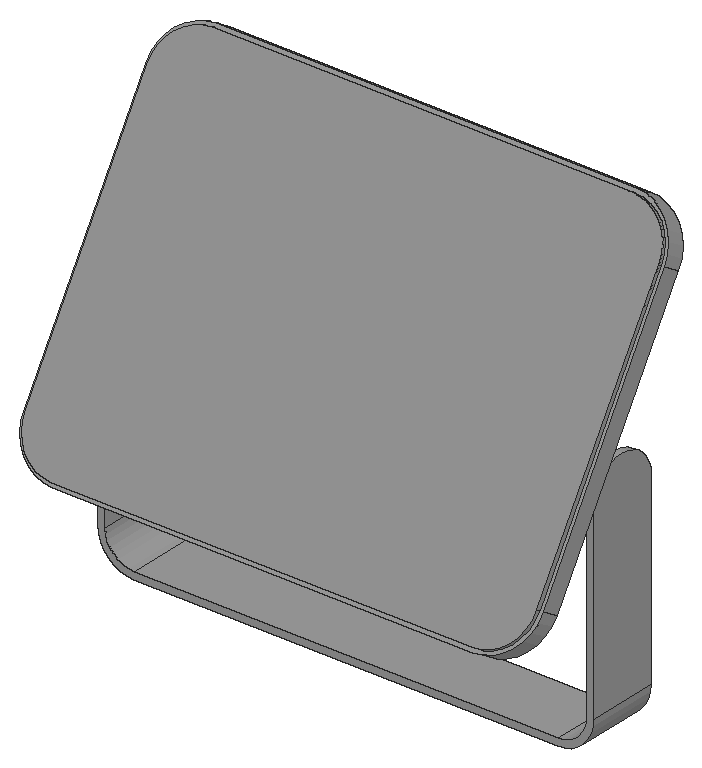
Revit family "0047960 Sylvania Lighting Fixture START eco Flood Flat IP65 900lm 830", category Lighting Fixtures, host Face, Revit 2016
Family settings
  Host = Face
  Part Type = Normal
  Round Connector Dimension = Use Diameter
  OmniClass Number = 23.80.70.00
  OmniClass Title = Lighting
  Cut with Voids When Loaded = No
  Light Source = No
  Shared = No
  Room Calculation Point = No
Parameters (values of type "0047960 ST E FLD FLT IP65 900LM 830")
  WidthBracketIn_SYL = if([10W_SYL], 102.2 mm, if([30W_SYL], 143.3 mm, if([50W_SYL], 181 mm, 262.8 mm)))  # 102.2 mm
  Weight = "3.96 kg"
  Wattage Comments = ""
  WarrantyStartDate [instance] = "n/a"
  WarrantyGuarantorParts = "n/a"
  WarrantyDurationUnit = "n/a"
  WarrantyDurationParts = "n/a"
  WarrantyDescription = "n/a"
  Voltage = 0 V
  URL = "http://www.sylvania-lighting.com"
  TypeName = "START eco Flood Flat IP65 900lm 830"
  TypeLight_SYL = START eco Flood Flat Lamp : 0047960 ST E FLD FLT IP65 900LM 830
  Type Image = <None>
  Type Comments = "n/a"
  ThicknessBracket_SYL = if([10W_SYL], 1.5 mm, 2 mm)  # 1.5 mm
  SerialNumber [instance] = "n/a"
  RotationAngle_SYL [instance] = 32.00°
  RadiusBracket_SYL = if([10W_SYL], 7.7 mm, if([30W_SYL], 8 mm, if([50W_SYL], 17 mm, 14 mm)))  # 7.7 mm
  RadiusBracketIn_SYL = RadiusBracket_SYL - ThicknessBracket_SYL  # 6.2 mm
  OffsetAxis_SYL = DepthBracket_SYL / 2  # 7.5 mm
  PowerFactor = 0.85
  PowerConsumption = "10 W"
  NominalLength = 114 mm
  NominalHeight = 38 mm
  NominalDepth = 96 mm
  Name = "START eco Flood Flat IP65 900lm 830"
  ModelReference = Name  # "START eco Flood Flat IP65 900lm 830"
  ModelNumber = "0047960"
  Model = Name  # "START eco Flood Flat IP65 900lm 830"
  Material = "adc12 housing"
  ManufacturerName = "Feilo Sylvania"
  Manufacturer = "Feilo Sylvania"
  LuminousEfficacy = "90 lm/W"
  LuminaireType = ""
  LightOutputRatio = "n/a"
  LampsType = Lamp  # "LED"
  LampNominalLuminous = "900 lm"
  LampMacAdamStep = "n/a"
  LampColourTemperature = "3000 K"
  LampColourRenderingIndex = "80"
  Lamp = "LED"
  Keynote = "16500"
  InstallationDate [instance] = "n/a"
  InputVoltage = "n/a"
  InputNominalFrequency = "n/a"
  IngressProtection = "IP65"
  ImpactProtectionIndex = "IK06"
  IfcExportType = "IfcLightFixtureType"
  IfcExportAs = "IfcLightFixtureType"
  HeightBracket_SYL = if([10W_SYL], 55 mm, if([30W_SYL], 70 mm, if([50W_SYL], 110 mm, 141 mm)))  # 55 mm
  ExpectedLife = 30000
  EndAngle_SYL [instance] = RotationAngle_SYL + 180.00°  # 212.00°
  ElectricShockClassification = "Class I"
  DurationUnit = "hours"
  DocumentationLiterature = "http://www.sylvania-lighting.com/product/en-int/products/0047960"
  DimmingControlOptions = "n/a"
  Description = "The new Start eco Flood Flat comes with improved design. The streamlined, durable, lightweight die-cast aluminium body makes it a perfect choice for building facades, car parks, garages and construction areas. The product includes 1 m pre-wired stripped cable and fitting bracket for quick and easy installation and the universal mounting bracket allows wall or surface mounting with the possibility of vertical tilting. Black die-cast aluminum housing, white reflector, 900 lm, 10 W, 90 lm/W, 3000K, drive current 38.6 mA, non dimmable, CRI>80, IP65, IK06, Class I, lumen maintenance L70:B50: 30000 hrs, 114 x 96 x 38 mm (L x W x H). Weight: 0.33kg. Energy class: A++ A+ A."
  DepthBracket_SYL = if([10W_SYL], 15 mm, if([30W_SYL], 15 mm, if([50W_SYL], 17 mm, 25 mm)))  # 15 mm
  Default Elevation = 1219.2 mm
  CreatedOn = "10/8/2018"
  CreatedBy = "@sylvania-lighting.com"
  Cost = 0
  built-in parameter 1114216 [instance] = (empty or 0)
  ClassificationValue = "EF_70_80"
  ClassificationName = "Uniclass2015"
  Material_1_SYL = Body-Sylvania-FloodFlat-Black
  BarCode [instance] = "n/a"
  AssetType = "Fixed"
  AssetIdentifier [instance] = "n/a"
  Assembly Code = "D5020200"
  Apparent Load = 10 VA
  50W_SYL = no
  30W_SYL = no
  10W_SYL = yes
Reference planes
  plane 1 "Center (Front/Back)": y = 0
  plane 2: z = 0
  plane 3 "Center (Left/Right)": x = 0
  plane 4: x = -52.6
  plane 5: x = 52.6
  plane 6: z = 55
  plane 7: z = 47.5
  plane 8: x = -51.1
  plane 9: x = 51.1
  plane 10: z = 1.5
  plane 11: y = 7.5
  plane 12: y = -7.5
  plane 13: x = -44.9
  plane 14: z = 7.7
  plane 15: x = 44.9
  plane 16: y = -9.5
  plane 17: z = 57
  plane 18: y = 9.5
Forms (mm)
  Extrusion 1, solid, material "Body-Sylvania-FloodFlat-Black" <- "Material_1_SYL"
    sketch origin (0, 0, 0) x (1, 0, 0) y (0, 0, 1)
      loop
        line (-51.1, 55) -> (-52.6, 55) -> (-52.6, 7.7)
        arc (-52.6, 7.7) -> (-50.345, 2.255) -> (-44.9, 0) r 7.7
        line (-44.9, 0) -> (44.9, 0)
        arc (44.9, 0) -> (50.345, 2.255) -> (52.6, 7.7) r 7.7
        line (52.6, 7.7) -> (52.6, 55) -> (51.1, 55) -> (51.1, 7.7)
        arc (51.1, 7.7) -> (49.284, 3.316) -> (44.9, 1.5) r 6.2
        line (44.9, 1.5) -> (-44.9, 1.5)
        arc (-44.9, 1.5) -> (-49.284, 3.316) -> (-51.1, 7.7) r 6.2
        line (-51.1, 7.7) -> (-51.1, 55)
    from -7.5 to 7.5
  Extrusion 2, void
    sketch origin (0, 0, 0) x (0, 1, 0) y (0, 0, 1)
      loop
        line (7.5, 47.5) -> (9.5, 47.5) -> (9.5, 57) -> (-9.5, 57) -> (-9.5, 47.5) -> (-7.5, 47.5)
        arc (-7.5, 47.5) -> (0, 55) -> (7.5, 47.5) r 7.5
    from -52.6 to 52.6
  Revolve 3, solid, not visible
    sketch origin (0, 0, 0) x (1, 0, 0) y (0, 0, 1)
      loop
        line (0, 47.5) -> (0, 55) -> (-12.336, 55) -> (-12.336, 47.5) -> (0, 47.5)
      axis (0, 47.5) -> (-12.336, 47.5)
    angle from 32 <- "RotationAngle_SYL" to 212 <- "EndAngle_SYL"
Cuts and joins
  Extrusion 2 cuts Extrusion 1
Dimensions and locks
  equal spacing: plane 9, plane 3 "Center (Left/Right)", plane 8
  "WidthBracketIn_SYL": plane 9 to plane 8
  "ThicknessBracket_SYL": plane 8 to plane 4
  "ThicknessBracket_SYL": plane 5 to plane 9
  "ThicknessBracket_SYL": plane 10 to plane 2
  equal spacing: plane 12, plane 1 "Center (Front/Back)", plane 11
  "DepthBracket_SYL": plane 12 to plane 11
  "OffsetAxis_SYL": plane 7 to plane 6
  "HeightBracket_SYL": plane 6 to plane 2
  "RadiusBracket_SYL": plane 14 to plane 2
  equal spacing: plane 15, plane 3 "Center (Left/Right)", plane 13
  "RadiusBracket_SYL": plane 13 to plane 4
  equal spacing: plane 16, plane 1 "Center (Front/Back)", plane 18
  locked: plane 16 to plane 12 at 2
  locked: plane 6 to plane 17 at 2
  "RadiusBracket_SYL": radius of Extrusion 1 sketch curve  (x2)
  "RadiusBracketIn_SYL": radius of Extrusion 1 sketch curve  (x2)
  aligned and locked: plane 2 to host face
  aligned and locked: level to host face
  aligned and locked: Extrusion 1 sketch curve to plane 6  (x2)
  aligned and locked: Extrusion 1 sketch curve to plane 4
  aligned and locked: plane 5 to Extrusion 1 sketch curve
  aligned and locked: Extrusion 1 sketch curve to plane 9
  aligned and locked: Extrusion 1 sketch curve to plane 2
  aligned and locked: plane 13 to Extrusion 1 sketch curve
  aligned and locked: plane 14 to Extrusion 1 sketch curve  (x2)
  aligned and locked: plane 15 to Extrusion 1 sketch curve
  aligned and locked: Extrusion 1 to plane 11
  aligned and locked: plane 12 to Extrusion 1
  aligned and locked: plane 11 to Extrusion 2 sketch curve
  aligned and locked: plane 1 "Center (Front/Back)" to Extrusion 2 sketch curve
  aligned and locked: plane 7 to Extrusion 2 sketch curve
  aligned and locked: plane 17 to Extrusion 2 sketch curve
  aligned and locked: plane 18 to Extrusion 2 sketch curve
  aligned and locked: Extrusion 2 sketch curve to plane 16
  aligned and locked: Extrusion 2 sketch curve to plane 7  (x2)
  aligned and locked: plane 5 to Extrusion 2
  aligned and locked: Extrusion 2 to plane 4
  aligned and locked: Revolve 3 sketch curve to plane 7  (x2)
  aligned and locked: Revolve 3 sketch curve to plane 3 "Center (Left/Right)"
  aligned and locked: plane 6 to Revolve 3 sketch curve
  aligned and locked: plane 3 "Center (Left/Right)" to nested 1
Automatic sketch dimensions
  host sketch curve to host sketch curve = 2438.4 mm  (x2)
  Revolve 3 sketch curve to plane 3 "Center (Left/Right)" = 12.336 mm
  Revolve 3 sketch curve to plane 4 = 1122.5 mm
  plane 5 to Revolve 3 sketch curve = 1130.9 mm
Nested families
  nested 1: "START eco Flood Flat Lamp" at (0, 4.239, 54.284) x (1, 0, 0) z (0, -0.848, 0.5299), type <- "TypeLight_SYL", type "0047960 ST E FLD FLT IP65 900LM 830"
    with built-in parameter 1114216 (empty or 0)
Connectors
  electrical at (0, 0, 0), driven by "Apparent Load", driven by "PowerFactor", driven by "Voltage"
    settings: index 1, voltage 0 V, apparent load 10 VA, apparent load phase1 0 VA, apparent load phase2 0 VA, apparent load phase3 0 VA, power factor 0.85, load classification "Lighting", number of poles 1, system type 30, power factor state 1, is connector primary yes, connector utility no, sub classification motor no, connector description ""
Definition of nested family "START eco Flood Flat Lamp"
  Parameters (values of type "0047977 ST E FLD FLT IP65 9000LM 840")
    Width_SYL = if([10W_SYL], 110 mm, if([30W_SYL], 151 mm, if([50W_SYL], 189 mm, 275 mm)))  # 275 mm
    WidthLEDBoard_SYL = if([10W_SYL], 40 mm, if([30W_SYL], 83 mm, if([50W_SYL], 80 mm, 180 mm)))  # 180 mm
    WidthVignette_SYL = if([10W_SYL], 78.6 mm, if([30W_SYL], 120 mm, if([50W_SYL], 157 mm, 226 mm)))  # 226 mm
    WidthBoltHousing_SYL = 4 * OffsetBoltHousing_SYL  # 24.5 mm
    Wattage Comments = "n/a"
    Wattage = 100 W
    built-in parameter 1150110 = 1 (stored number, unit not read)
    URL = "http://www.sylvania-lighting.com"
    Type Image = (empty or 0)
    Type Comments = "n/a"
    built-in parameter 1114217 = 1 (stored number, unit not read)
    Tilt Angle = -90.00°
    ThicknessScreen_SYL = if([10W_SYL], 5 mm, if([30W_SYL], 5.2 mm, if([50W_SYL], 5.4 mm, 6.1 mm)))  # 6.1 mm
    ThicknessDiffuser_SYL = 0.8 mm  # constant formula
    built-in parameter 1150109 = 1 (stored number, unit not read)
    built-in parameter 1150134 = 12
    built-in parameter 1150113 = 1 (stored number, unit not read)
    RotationAxisFromTop_SYL = if([10W_SYL], 48.8 mm, if([30W_SYL], 61.7 mm, if([50W_SYL], 91.3 mm, 133.4 mm)))  # 133.4 mm
    RadiusLEDBoard_SYL = if([10W_SYL], 1.5 mm, if([30W_SYL], 2 mm, if([50W_SYL], 1.9 mm, 3.7 mm)))  # 3.7 mm
    RadiusDiffuser_SYL = RadiusCorners_SYL - ThicknessDiffuser_SYL  # 13.4 mm
    RadiusCorners_SYL = if([10W_SYL], 10.5 mm, if([30W_SYL], 10.7 mm, if([50W_SYL], 10.7 mm, 14.2 mm)))  # 14.2 mm
    RadiusBoltHousing_SYL = if([10W_SYL], 4.1 mm, if([30W_SYL], 4.9 mm, if([50W_SYL], 5 mm, 8.1 mm)))  # 8.1 mm
    RadiusBack_SYL = RadiusCorners_SYL - OffsetXBack_SYL / 3  # 10.117 mm
    RadiusBackB_SYL = RadiusBack_SYL - OffsetXBackB_SYL  # 7.054 mm
    Photometric Web File = "0047977.ies"
    PIR_SYL = no
    PIRHolderRadius_SYL = PIRBaseFillet_SYL + 2 mm  # 11 mm
    PIRFillet_SYL = 3 mm  # constant formula
    PIRBaseWidth_SYL = 38 mm
    PIRBaseFillet_SYL = PIRBaseDepth_SYL / 2  # 9 mm
    PIRBaseDepth_SYL = 18 mm
    OffsetYBack_SYL = (Height_SYL - HeightVignette_SYL) / 4  # 11 mm
    OffsetYBackB_SYL = OffsetYBack_SYL / 4  # 2.75 mm
    OffsetXBack_SYL = (Width_SYL - WidthVignette_SYL) / 4  # 12.25 mm
    OffsetXBackB_SYL = OffsetXBack_SYL / 4  # 3.063 mm
    OffsetBoltHousing_SYL = OffsetXBack_SYL / 2  # 6.125 mm
    Material_7_SYL = none
    Material_6_SYL = none
    Material_5_SYL = none
    Material_3_SYL = none
    Model = "START eco Flood Flat IP65 9000lm 840"
    Manufacturer = "Feilo Sylvania"
    built-in parameter 1150105 = 3437 (stored number, unit not read)
    Lumens = 9500 lm
    built-in parameter 1150115 = 1 (stored number, unit not read)
    built-in parameter 1150137 = (empty or 0)
    built-in parameter 1150139 = (empty or 0)
    built-in parameter 1150112 = 1 (stored number, unit not read)
    built-in parameter 1150114 = 1 (stored number, unit not read)
    Lamp = "LED"
    Keynote = "16500"
    Material_2_SYL = none
    InsertionPlaneFromTop_SYL = if([10W_SYL], 15.1 mm, if([30W_SYL], 14.5 mm, if([50W_SYL], 14.8 mm, 19.3 mm)))  # 19.3 mm
    built-in parameter 1150132 = (empty or 0)
    built-in parameter 1150102 = (empty or 0)
    built-in parameter 1150107 = 4000 (stored number, unit not read)
    built-in parameter 1150138 = (empty or 0)
    built-in parameter 1150106 = 34.37 (stored number, unit not read)
    Height_SYL = if([10W_SYL], 81.6 mm, if([30W_SYL], 112 mm, if([50W_SYL], 140.5 mm, 211 mm)))  # 211 mm
    HeightVignette_SYL = if([10W_SYL], 50 mm, if([30W_SYL], 81 mm, if([50W_SYL], 110 mm, 167 mm)))  # 167 mm
    HeightLEDBoard_SYL = if([10W_SYL], 25 mm, if([30W_SYL], 39 mm, if([50W_SYL], 56 mm, 132 mm)))  # 132 mm
    Emit from Rectangle Width = HeightVignette_SYL - 2 * RadiusVignette_SYL  # 146.2 mm
    Emit from Rectangle Length = WidthVignette_SYL - 2 * RadiusVignette_SYL  # 205.2 mm
    Emit Shape Visible in Rendering = no
    built-in parameter 1150104 = 8.8258 (stored number, unit not read)
    Dimming Lamp Color Temperature Shift = (empty or 0)
    DepthLEDBoard_SYL = (ThicknessScreen_SYL + DepthBack_SYL) / 9  # 2.289 mm
    DepthBack_SYL = if([10W_SYL], 10.2 mm, if([30W_SYL], 14.7 mm, if([50W_SYL], 16.9 mm, 14.5 mm)))  # 14.5 mm
    RadiusVignette_SYL = if([10W_SYL], 4.1 mm, if([30W_SYL], 4.1 mm, if([50W_SYL], 4.1 mm, 10.4 mm)))  # 10.4 mm
    Description = "The new Start eco Flood Flat comes with improved design. The streamlined, durable, lightweight die-cast aluminium body makes it a perfect choice for building facades, car parks, garages and construction areas. The product includes 1 m pre-wired stripped cable and fitting bracket for quick and easy installation and the universal mounting bracket allows wall or surface mounting with the possibility of vertical tilting. Black die-cast aluminum housing, white reflector, 9500 lm, 100 W, 95 lm/W, 4000K, drive current 386 mA, non dimmable, CRI>80, IP65, IK07, Class I, lumen maintenance L70:B50: 30000 hrs, 283 x 263 x 44 mm (L x W x H). Weight: 1.775kg. Energy class: A++ A+ A."
    DepthReflector_SYL = (ThicknessScreen_SYL + DepthBack_SYL) / 2  # 10.3 mm
    Default Elevation = 1219.2 mm
    Cost = 0
    Color Filter = 16777215
    built-in parameter 1114216 [instance] = (empty or 0)
    Material_1_SYL = none
    built-in parameter 1114218 = 1 (stored number, unit not read)
    built-in parameter 1150133 = 10 (stored number, unit not read)
    Assembly Code = "D5020200"
    Apparent Load = 100 VA
    Material_4_SYL = none
    50W_SYL = no
    30W_SYL = no
    10W_SYL = no
  Types (16, lengths in mm): name | Width_SYL | WidthLEDBoard_SYL | WidthVignette_SYL | WidthBoltHousing_SYL | Wattage | ThicknessScreen_SYL | built-in parameter 1150134 | RotationAxisFromTop_SYL | RadiusLEDBoard_SYL | RadiusDiffuser_SYL | RadiusCorners_SYL | RadiusBoltHousing_SYL | RadiusBack_SYL | RadiusBackB_SYL | Photometric Web File | PIR_SYL | OffsetYBack_SYL | OffsetYBackB_SYL | OffsetXBack_SYL | OffsetXBackB_SYL | OffsetBoltHousing_SYL | Model | built-in parameter 1150105 | Lumens | InsertionPlaneFromTop_SYL | built-in parameter 1150107 | built-in parameter 1150106 | Height_SYL | HeightVignette_SYL | HeightLEDBoard_SYL | Emit from Rectangle Width | Emit from Rectangle Length | built-in parameter 1150104 | DepthLEDBoard_SYL | DepthBack_SYL | RadiusVignette_SYL | Description | DepthReflector_SYL | Apparent Load | 50W_SYL | 30W_SYL | 10W_SYL
    0047977 ST E FLD FLT IP65 9000LM 840 | 275 | 180 | 226 | 24.5 | 100 W | 6.1 | 12 | 133.4 | 3.7 | 13.4 | 14.2 | 8.1 | 10.117 | 7.054 | "0047977.ies" | no | 11 | 2.75 | 12.25 | 3.063 | 6.125 | "START eco Flood Flat IP65 9000lm 840" | 3437 (stored number, unit not read) | 9500 lm | 19.3 | 4000 (stored number, unit not read) | 34.37 (stored number, unit not read) | 211 | 167 | 132 | 146.2 | 205.2 | 8.8258 (stored number, unit not read) | 2.289 | 14.5 | 10.4 | "The new Start eco Flood Flat comes with improved design. The streamlined, durable, lightweight die-cast aluminium body makes it a perfect choice for building facades, car parks, garages and construction areas. The product includes 1 m pre-wired stripped cable and fitting bracket for quick and easy installation and the universal mounting bracket allows wall or surface mounting with the possibility of vertical tilting. Black die-cast aluminum housing, white reflector, 9500 lm, 100 W, 95 lm/W, 4000K, drive current 386 mA, non dimmable, CRI>80, IP65, IK07, Class I, lumen maintenance L70:B50: 30000 hrs, 283 x 263 x 44 mm (L x W x H). Weight: 1.775kg. Energy class: A++ A+ A." | 10.3 | 100 VA | no | no | no
    0047976 ST E FLD FLT IP65 9000LM 830 | 275 | 180 | 226 | 24.5 | 100 W | 6.1 | (empty or 0) | 133.4 | 3.7 | 13.4 | 14.2 | 8.1 | 10.117 | 7.054 | "0047976.ies" | no | 11 | 2.75 | 12.25 | 3.063 | 6.125 | "START eco Flood Flat IP65 9000lm 830" | 3256.1 (stored number, unit not read) | 9000 lm | 19.3 | 3000 (stored number, unit not read) | 32.561 (stored number, unit not read) | 211 | 167 | 132 | 146.2 | 205.2 | 8.3613 (stored number, unit not read) | 2.289 | 14.5 | 10.4 | "The new Start eco Flood Flat comes with improved design. The streamlined, durable, lightweight die-cast aluminium body makes it a perfect choice for building facades, car parks, garages and construction areas. The product includes 1 m pre-wired stripped cable and fitting bracket for quick and easy installation and the universal mounting bracket allows wall or surface mounting with the possibility of vertical tilting. Black die-cast aluminum housing, white reflector, 9000 lm, 100 W, 90 lm/W, 3000K, drive current 386 mA, non dimmable, CRI>80, IP65, IK07, Class I, lumen maintenance L70:B50: 30000 hrs, 283 x 263 x 44 mm (L x W x H). Weight: 1.775kg. Energy class: A++ A+ A." | 10.3 | 100 VA | no | no | no
    0047973 ST E FLD FLT IP65 6500LM 840 | 275 | 180 | 226 | 24.5 | 70 W | 6.1 | 12 | 133.4 | 3.7 | 13.4 | 14.2 | 8.1 | 10.117 | 7.054 | "0047973.ies" | no | 11 | 2.75 | 12.25 | 3.063 | 6.125 | "START eco Flood Flat IP65 6500lm 840" | 2460.1 (stored number, unit not read) | 6650 lm | 19.3 | 4000 (stored number, unit not read) | 24.601 (stored number, unit not read) | 211 | 167 | 132 | 146.2 | 205.2 | 8.8258 (stored number, unit not read) | 2.289 | 14.5 | 10.4 | "The new Start eco Flood Flat comes with improved design. The streamlined, durable, lightweight die-cast aluminium body makes it a perfect choice for building facades, car parks, garages and construction areas. The product includes 1 m pre-wired stripped cable and fitting bracket for quick and easy installation and the universal mounting bracket allows wall or surface mounting with the possibility of vertical tilting. Black die-cast aluminum housing, white reflector, 6650 lm, 70 W, 95 lm/W, 4000K, drive current 270 mA, non dimmable, CRI>80, IP65, IK07, Class I, lumen maintenance L70:B50: 30000 hrs, 283 x 263 x 44 mm (L x W x H). Weight: 1.775kg. Energy class: A++ A+ A." | 10.3 | 70 VA | no | no | no
    0047972 ST E FLD FLT IP65 6500LM 830 | 275 | 180 | 226 | 24.5 | 70 W | 6.1 | (empty or 0) | 133.4 | 3.7 | 13.4 | 14.2 | 8.1 | 10.117 | 7.054 | "0047972.ies" | no | 11 | 2.75 | 12.25 | 3.063 | 6.125 | "START eco Flood Flat IP65 6500lm 830" | 2330.6 (stored number, unit not read) | 6300 lm | 19.3 | 3000 (stored number, unit not read) | 23.306 (stored number, unit not read) | 211 | 167 | 132 | 146.2 | 205.2 | 8.3613 (stored number, unit not read) | 2.289 | 14.5 | 10.4 | "The new Start eco Flood Flat comes with improved design. The streamlined, durable, lightweight die-cast aluminium body makes it a perfect choice for building facades, car parks, garages and construction areas. The product includes 1 m pre-wired stripped cable and fitting bracket for quick and easy installation and the universal mounting bracket allows wall or surface mounting with the possibility of vertical tilting. Black die-cast aluminum housing, white reflector, 6300 lm, 70 W, 90 lm/W, 3000K, drive current 270 mA, non dimmable, CRI>80, IP65, IK07, Class I, lumen maintenance L70:B50: 30000 hrs, 283 x 263 x 44 mm (L x W x H). Weight: 1.775kg. Energy class: A++ A+ A." | 10.3 | 70 VA | no | no | no
    0047971 ST E FLD FLT IP54 PIR 4500LM 840 | 189 | 80 | 157 | 16 | 51 W | 5.4 | 12 | 91.3 | 1.9 | 9.9 | 10.7 | 5 | 8.033 | 6.033 | "0047971.ies" | yes | 7.625 | 1.906 | 8 | 2 | 4 | "START eco Flood Flat IP54 PIR 4500lm 840" | 1695.8 (stored number, unit not read) | 4743 lm | 14.8 | 4000 (stored number, unit not read) | 16.958 (stored number, unit not read) | 140.5 | 110 | 56 | 101.8 | 148.8 | 8.64 (stored number, unit not read) | 2.478 | 16.9 | 4.1 | "The new Start eco Flood Flat comes with improved design. The streamlined, durable, lightweight die-cast aluminium body makes it a perfect choice for building facades, car parks, garages and construction areas. The product includes 1 m pre-wired stripped cable and fitting bracket for quick and easy installation and the universal mounting bracket allows wall or surface mounting with the possibility of vertical tilting. Black die-cast aluminum housing, white reflector, 4750 lm, 51 W, 93 lm/W, 4000K, drive current 193 mA, non dimmable, CRI>80, IP54, IK07 - fixture, IK05 - sensor, Class I, lumen maintenance L70:B50: 30000 hrs, 193 x 216 x 70 mm (L x W x H). Weight: 0.85kg.  PIR sensor included. Energy class: A++ A+ A." | 11.15 | 51 VA | yes | no | no
    0047970 ST E FLD FLT IP54 PIR 4500LM 830 | 189 | 80 | 157 | 16 | 51 W | 5.4 | (empty or 0) | 91.3 | 1.9 | 9.9 | 10.7 | 5 | 8.033 | 6.033 | "0047970.ies" | yes | 7.625 | 1.906 | 8 | 2 | 4 | "START eco Flood Flat IP54 PIR 4500lm 830" | 1604.6 (stored number, unit not read) | 4488 lm | 14.8 | 3000 (stored number, unit not read) | 16.046 (stored number, unit not read) | 140.5 | 110 | 56 | 101.8 | 148.8 | 8.1755 (stored number, unit not read) | 2.478 | 16.9 | 4.1 | "The new Start eco Flood Flat comes with improved design. The streamlined, durable, lightweight die-cast aluminium body makes it a perfect choice for building facades, car parks, garages and construction areas. The product includes 1 m pre-wired stripped cable and fitting bracket for quick and easy installation and the universal mounting bracket allows wall or surface mounting with the possibility of vertical tilting. Black die-cast aluminum housing, white reflector, 4500 lm, 51 W, 88 lm/W, 3000K, drive current 193 mA, non dimmable, CRI>80, IP54, IK07 - fixture, IK05 - sensor, Class I, lumen maintenance L70:B50: 30000 hrs, 193 x 216 x 70 mm (L x W x H). Weight: 0.85kg.  PIR sensor included. Energy class: A++ A+ A." | 11.15 | 51 VA | yes | no | no
    0047969 ST E FLD FLT IP65 4500LM 840 | 189 | 80 | 157 | 16 | 50 W | 5.4 | 12 | 91.3 | 1.9 | 9.9 | 10.7 | 5 | 8.033 | 6.033 | "0047969.ies" | no | 7.625 | 1.906 | 8 | 2 | 4 | "START eco Flood Flat IP65 4500lm 840" | 1698.3 (stored number, unit not read) | 4750 lm | 14.8 | 4000 (stored number, unit not read) | 16.983 (stored number, unit not read) | 140.5 | 110 | 56 | 101.8 | 148.8 | 8.8258 (stored number, unit not read) | 2.478 | 16.9 | 4.1 | "The new Start eco Flood Flat comes with improved design. The streamlined, durable, lightweight die-cast aluminium body makes it a perfect choice for building facades, car parks, garages and construction areas. The product includes 1 m pre-wired stripped cable and fitting bracket for quick and easy installation and the universal mounting bracket allows wall or surface mounting with the possibility of vertical tilting. Black die-cast aluminum housing, white reflector, 4750 lm, 50 W, 95 lm/W, 4000K, drive current 193 mA, non dimmable, CRI>80, IP65, IK07, Class I, lumen maintenance L70:B50: 30000 hrs, 193 x 190 x 48 mm (L x W x H). Weight: 0.785kg. Energy class: A++ A+ A." | 11.15 | 50 VA | yes | no | no
    0047968 ST E FLD FLT IP65 4500LM 830 | 189 | 80 | 157 | 16 | 50 W | 5.4 | (empty or 0) | 91.3 | 1.9 | 9.9 | 10.7 | 5 | 8.033 | 6.033 | "0047968.ies" | no | 7.625 | 1.906 | 8 | 2 | 4 | "START eco Flood Flat IP65 4500lm 830" | 1608.9 (stored number, unit not read) | 4500 lm | 14.8 | 3000 (stored number, unit not read) | 16.089 (stored number, unit not read) | 140.5 | 110 | 56 | 101.8 | 148.8 | 8.3613 (stored number, unit not read) | 2.478 | 16.9 | 4.1 | "The new Start eco Flood Flat comes with improved design. The streamlined, durable, lightweight die-cast aluminium body makes it a perfect choice for building facades, car parks, garages and construction areas. The product includes 1 m pre-wired stripped cable and fitting bracket for quick and easy installation and the universal mounting bracket allows wall or surface mounting with the possibility of vertical tilting. Black die-cast aluminum housing, white reflector, 4500 lm, 50 W, 90 lm/W, 3000K, drive current 193 mA, non dimmable, CRI>80, IP65, IK07, Class I, lumen maintenance L70:B50: 30000 hrs, 193 x 190 x 48 mm (L x W x H). Weight: 0.785kg. Energy class: A++ A+ A." | 11.15 | 50 VA | yes | no | no
    0047967 ST E FLD FLT IP54 PIR 2800LM 840 | 151 | 83 | 120 | 15.5 | 31 W | 5.2 | 12 | 61.7 | 2 | 9.9 | 10.7 | 4.9 | 8.117 | 6.179 | "0047967.ies" | yes | 7.75 | 1.938 | 7.75 | 1.938 | 3.875 | "START eco Flood Flat IP54 PIR 2800lm 840" | 1045.5 (stored number, unit not read) | 2852 lm | 14.5 | 4000 (stored number, unit not read) | 10.455 (stored number, unit not read) | 112 | 81 | 39 | 72.8 | 111.8 | 8.5471 (stored number, unit not read) | 2.211 | 14.7 | 4.1 | "The new Start eco Flood Flat comes with improved design. The streamlined, durable, lightweight die-cast aluminium body makes it a perfect choice for building facades, car parks, garages and construction areas. The product includes 1 m pre-wired stripped cable and fitting bracket for quick and easy installation and the universal mounting bracket allows wall or surface mounting with the possibility of vertical tilting. Black die-cast aluminum housing, white reflector, 2850 lm, 31 W, 92 lm/W, 4000K, drive current 116 mA, non dimmable, CRI>80, IP54, IK06 - fixture, IK05 - sensor, Class I, lumen maintenance L70:B50: 30000 hrs, 156 x 178 x 67 mm (L x W x H). Weight: 0.61kg.  PIR sensor included. Energy class: A++ A+ A." | 9.95 | 31 VA | no | yes | no
    0047966 ST E FLD FLT IP54 PIR 2800LM 830 | 151 | 83 | 120 | 15.5 | 31 W | 5.2 | (empty or 0) | 61.7 | 2 | 9.9 | 10.7 | 4.9 | 8.117 | 6.179 | "0047966.ies" | yes | 7.75 | 1.938 | 7.75 | 1.938 | 3.875 | "START eco Flood Flat IP54 PIR 2800lm 830" | 988.72 (stored number, unit not read) | 2697 lm | 14.5 | 3000 (stored number, unit not read) | 9.8872 (stored number, unit not read) | 112 | 81 | 39 | 72.8 | 111.8 | 8.0826 (stored number, unit not read) | 2.211 | 14.7 | 4.1 | "The new Start eco Flood Flat comes with improved design. The streamlined, durable, lightweight die-cast aluminium body makes it a perfect choice for building facades, car parks, garages and construction areas. The product includes 1 m pre-wired stripped cable and fitting bracket for quick and easy installation and the universal mounting bracket allows wall or surface mounting with the possibility of vertical tilting. Black die-cast aluminum housing, white reflector, 2700 lm, 31 W, 87 lm/W, 3000K, drive current 116 mA, non dimmable, CRI>80, IP54, IK06 - fixture, IK05 - sensor, Class I, lumen maintenance L70:B50: 30000 hrs, 156 x 178 x 67 mm (L x W x H). Weight: 0.61kg.  PIR sensor included. Energy class: A++ A+ A." | 9.95 | 31 VA | no | yes | no
    0047965 ST E FLD FLT IP65 2800LM 840 | 151 | 83 | 120 | 15.5 | 30 W | 5.2 | 12 | 61.7 | 2 | 9.9 | 10.7 | 4.9 | 8.117 | 6.179 | "0047965.ies" | no | 7.75 | 1.938 | 7.75 | 1.938 | 3.875 | "START eco Flood Flat IP65 2800lm 840" | 1044.8 (stored number, unit not read) | 2850 lm | 14.5 | 4000 (stored number, unit not read) | 10.448 (stored number, unit not read) | 112 | 81 | 39 | 72.8 | 111.8 | 8.8258 (stored number, unit not read) | 2.211 | 14.7 | 4.1 | "The new Start eco Flood Flat comes with improved design. The streamlined, durable, lightweight die-cast aluminium body makes it a perfect choice for building facades, car parks, garages and construction areas. The product includes 1 m pre-wired stripped cable and fitting bracket for quick and easy installation and the universal mounting bracket allows wall or surface mounting with the possibility of vertical tilting. Black die-cast aluminum housing, white reflector, 2850 lm, 30 W, 95 lm/W, 4000K, drive current 116 mA, non dimmable, CRI>80, IP65, IK06, Class I, lumen maintenance L70:B50: 30000 hrs, 156 x 126 x 38 mm (L x W x H). Weight: 0.545kg. Energy class: A++ A+ A." | 9.95 | 30 VA | no | yes | no
    0047964 ST E FLD FLT IP65 2800LM 830 | 151 | 83 | 120 | 15.5 | 30 W | 5.2 | (empty or 0) | 61.7 | 2 | 9.9 | 10.7 | 4.9 | 8.117 | 6.179 | "0047964.ies" | no | 7.75 | 1.938 | 7.75 | 1.938 | 3.875 | "START eco Flood Flat IP65 2800lm 830" | 989.82 (stored number, unit not read) | 2700 lm | 14.5 | 3000 (stored number, unit not read) | 9.8982 (stored number, unit not read) | 112 | 81 | 39 | 72.8 | 111.8 | 8.3613 (stored number, unit not read) | 2.211 | 14.7 | 4.1 | "The new Start eco Flood Flat comes with improved design. The streamlined, durable, lightweight die-cast aluminium body makes it a perfect choice for building facades, car parks, garages and construction areas. The product includes 1 m pre-wired stripped cable and fitting bracket for quick and easy installation and the universal mounting bracket allows wall or surface mounting with the possibility of vertical tilting. Black die-cast aluminum housing, white reflector, 2700 lm, 30 W, 90 lm/W, 3000K, drive current 116 mA, non dimmable, CRI>80, IP65, IK06, Class I, lumen maintenance L70:B50: 30000 hrs, 156 x 126 x 38 mm (L x W x H). Weight: 0.545kg. Energy class: A++ A+ A." | 9.95 | 30 VA | no | yes | no
    0047963 ST E FLD FLT IP54 PIR 900LM 840 | 110 | 40 | 78.6 | 15.7 | 11 W | 5 | 12 | 48.8 | 1.5 | 9.7 | 10.5 | 4.1 | 7.883 | 5.921 | "0047963.ies" | yes | 7.9 | 1.975 | 7.85 | 1.963 | 3.925 | "START eco Flood Flat IP54 PIR 900lm 840" | 365.78 (stored number, unit not read) | 946 lm | 15.1 | 4000 (stored number, unit not read) | 3.6578 (stored number, unit not read) | 81.6 | 50 | 25 | 41.8 | 70.4 | 7.9897 (stored number, unit not read) | 1.689 | 10.2 | 4.1 | "The new Start eco Flood Flat comes with improved design. The streamlined, durable, lightweight die-cast aluminium body makes it a perfect choice for building facades, car parks, garages and construction areas. The product includes 1 m pre-wired stripped cable and fitting bracket for quick and easy installation and the universal mounting bracket allows wall or surface mounting with the possibility of vertical tilting. Black die-cast aluminum housing, white reflector, 950 lm, 11 W, 86 lm/W, 4000K, drive current 38.6 mA, non dimmable, CRI>80, IP54, IK06 - fixture, IK05 - sensor, Class I, lumen maintenance L70:B50: 30000 hrs, 156 x 178 x 67 mm (L x W x H). Weight: 0.61kg.  PIR sensor included. Energy class: A++ A+ A." | 7.6 | 11 VA | no | no | yes
    0047962 ST E FLD FLT IP54 PIR 900LM 830 | 110 | 40 | 78.6 | 15.7 | 11 W | 5 | (empty or 0) | 48.8 | 1.5 | 9.7 | 10.5 | 4.1 | 7.883 | 5.921 | "0047962.ies" | yes | 7.9 | 1.975 | 7.85 | 1.963 | 3.925 | "START eco Flood Flat IP54 PIR 900lm 830" | 345.53 (stored number, unit not read) | 902 lm | 15.1 | 3000 (stored number, unit not read) | 3.4553 (stored number, unit not read) | 81.6 | 50 | 25 | 41.8 | 70.4 | 7.618 (stored number, unit not read) | 1.689 | 10.2 | 4.1 | "The new Start eco Flood Flat comes with improved design. The streamlined, durable, lightweight die-cast aluminium body makes it a perfect choice for building facades, car parks, garages and construction areas. The product includes 1 m pre-wired stripped cable and fitting bracket for quick and easy installation and the universal mounting bracket allows wall or surface mounting with the possibility of vertical tilting. Black die-cast aluminum housing, white reflector, 900 lm, 11 W, 82 lm/W, 3000K, drive current 38.6 mA, non dimmable, CRI>80, IP54, IK06 - fixture, IK05 - sensor, Class I, lumen maintenance L70:B50: 30000 hrs, 156 x 178 x 67 mm (L x W x H). Weight: 0.61kg.  PIR sensor included. Energy class: A++ A+ A." | 7.6 | 11 VA | no | no | yes
    0047961 ST E FLD FLT IP65 900LM 840 | 110 | 40 | 78.6 | 15.7 | 10 W | 5 | 12 | 48.8 | 1.5 | 9.7 | 10.5 | 4.1 | 7.883 | 5.921 | "0047961.ies" | no | 7.9 | 1.975 | 7.85 | 1.963 | 3.925 | "START eco Flood Flat IP65 900lm 840" | 367.33 (stored number, unit not read) | 950 lm | 15.1 | 4000 (stored number, unit not read) | 3.6733 (stored number, unit not read) | 81.6 | 50 | 25 | 41.8 | 70.4 | 8.8258 (stored number, unit not read) | 1.689 | 10.2 | 4.1 | "The new Start eco Flood Flat comes with improved design. The streamlined, durable, lightweight die-cast aluminium body makes it a perfect choice for building facades, car parks, garages and construction areas. The product includes 1 m pre-wired stripped cable and fitting bracket for quick and easy installation and the universal mounting bracket allows wall or surface mounting with the possibility of vertical tilting. Black die-cast aluminum housing, white reflector, 950 lm, 10 W, 95 lm/W, 4000K, drive current 38.6 mA, non dimmable, CRI>80, IP65, IK06, Class I, lumen maintenance L70:B50: 30000 hrs, 114 x 96 x 38 mm (L x W x H). Weight: 0.33kg. Energy class: A++ A+ A." | 7.6 | 10 VA | no | no | yes
    0047960 ST E FLD FLT IP65 900LM 830 | 110 | 40 | 78.6 | 15.7 | 10 W | 5 | (empty or 0) | 48.8 | 1.5 | 9.7 | 10.5 | 4.1 | 7.883 | 5.921 | "0047960.ies" | no | 7.9 | 1.975 | 7.85 | 1.963 | 3.925 | "START eco Flood Flat IP65 900lm 830" | 344.76 (stored number, unit not read) | 900 lm | 15.1 | 3000 (stored number, unit not read) | 3.4476 (stored number, unit not read) | 81.6 | 50 | 25 | 41.8 | 70.4 | 8.3613 (stored number, unit not read) | 1.689 | 10.2 | 4.1 | "The new Start eco Flood Flat comes with improved design. The streamlined, durable, lightweight die-cast aluminium body makes it a perfect choice for building facades, car parks, garages and construction areas. The product includes 1 m pre-wired stripped cable and fitting bracket for quick and easy installation and the universal mounting bracket allows wall or surface mounting with the possibility of vertical tilting. Black die-cast aluminum housing, white reflector, 900 lm, 10 W, 90 lm/W, 3000K, drive current 38.6 mA, non dimmable, CRI>80, IP65, IK06, Class I, lumen maintenance L70:B50: 30000 hrs, 114 x 96 x 38 mm (L x W x H). Weight: 0.33kg. Energy class: A++ A+ A." | 7.6 | 10 VA | no | no | yes
  Reference planes
    plane 1 "Center (Front/Back)": y = 0
    plane 2: z = 0
    plane 3 "Center (Left/Right)": x = 0
    plane 4: y = 105.5
    plane 5: y = -105.5
    plane 6: x = 137.5
    plane 7: x = -137.5
    plane 8: y = 83.5
    plane 9: y = -83.5
    plane 10: x = -113
    plane 11: x = 113
    plane 12: x = -123.3
    plane 13: y = 91.3
    plane 14: y = -91.3
    plane 15: x = 123.3
    plane 16: x = -102.6
    plane 17: y = 73.1
    plane 18: x = 102.6
    plane 19: y = -73.1
    plane 20: z = 19.3
    plane 21: z = 13.2
    plane 22: z = 9
    plane 23: z = -1.3
    plane 24: x = -125.25
    plane 25: y = 94.5
    plane 26: y = -94.5
    plane 27: x = 125.25
    plane 28: x = -122.187
    plane 29: x = 122.188
    plane 30: y = 91.75
    plane 31: y = -91.75
    plane 32: z = 18.5
    plane 33: x = -90
    plane 34: x = 90
    plane 35: y = 66
    plane 36: y = -66
    plane 37: z = 6.711
    plane 38: x = -136.7
    plane 39: y = 104.7
    plane 40: y = -104.7
    plane 41: x = 136.7
    plane 42: x = -131.375
    plane 43: x = 131.375
    plane 44: x = -106.875
    plane 45: x = 106.875
    plane 46 "RotationAxis": y = -27.9
    plane 47: y = -19.8
    plane 48: x = -19
    plane 49: x = 19
    plane 50: z = -10.3
    plane 51: z = 7.7
    plane 52: x = 10
    plane 53: x = -10
    plane 54: y = -155.5
    plane 55: y = -137.5
    plane 56: y = -146.5
    plane 57: x = -9
    plane 58: x = 9
    plane 59: y = -119.7
    plane 60: y = -173.3
    plane 61: x = -35.3
    plane 62: x = 35.3
    plane 63: z = 39.2
    plane 64: z = 33.7
  Forms (mm)
    Extrusion 1, solid
      sketch origin (4.2, 0, 0) x (1, 0, 0) y (0, 1, 0)
        loop
          line (-1219.2, 1219.2) -> (-1219.2, -1219.2) -> (1219.2, -1219.2) -> (1219.2, 1219.2) -> (-1219.2, 1219.2)
      from 0 to -68.017
    Extrusion 2, solid, material <- "Material_1_SYL"
      sketch origin (1223.4, -4572, 19.3) x (0, -1, 0) y (-1, 0, 0)
        loop
          line (-4677.5, 1346.7) -> (-4677.5, 1100.1)
          arc (-4677.5, 1100.1) -> (-4673.341, 1090.059) -> (-4663.3, 1085.9) r 14.2
          line (-4663.3, 1085.9) -> (-4480.7, 1085.9)
          arc (-4480.7, 1085.9) -> (-4470.659, 1090.059) -> (-4466.5, 1100.1) r 14.2
          line (-4466.5, 1100.1) -> (-4466.5, 1346.7)
          arc (-4466.5, 1346.7) -> (-4470.659, 1356.741) -> (-4480.7, 1360.9) r 14.2
          line (-4480.7, 1360.9) -> (-4663.3, 1360.9)
          arc (-4663.3, 1360.9) -> (-4673.341, 1356.741) -> (-4677.5, 1346.7) r 14.2
      from 6.1 to 0.8
    Blend 3, solid, material <- "Material_1_SYL"
      base sketch origin (1223.4, -4572, 13.2) x (0, -1, 0) y (1, 0, 0)
        loop
          arc (-4666.5, -1338.533) -> (-4663.537, -1345.687) -> (-4656.383, -1348.65) r 10.117
          line (-4656.383, -1348.65) -> (-4487.617, -1348.65)
          arc (-4487.617, -1348.65) -> (-4480.463, -1345.687) -> (-4477.5, -1338.533) r 10.117
          line (-4477.5, -1338.533) -> (-4477.5, -1108.267)
          arc (-4477.5, -1108.267) -> (-4480.463, -1101.113) -> (-4487.617, -1098.15) r 10.117
          line (-4487.617, -1098.15) -> (-4656.383, -1098.15)
          arc (-4656.383, -1098.15) -> (-4663.537, -1101.113) -> (-4666.5, -1108.267) r 10.117
          line (-4666.5, -1108.267) -> (-4666.5, -1338.533)
      top sketch origin (1223.4, -4572, 13.2) x (0, -1, 0) y (1, 0, 0)
        loop
          arc (-4663.75, -1338.533) -> (-4661.684, -1343.521) -> (-4656.696, -1345.588) r 7.054
          line (-4656.696, -1345.588) -> (-4487.304, -1345.588)
          arc (-4487.304, -1345.588) -> (-4482.316, -1343.521) -> (-4480.25, -1338.533) r 7.054
          line (-4480.25, -1338.533) -> (-4480.25, -1108.267)
          arc (-4480.25, -1108.267) -> (-4482.316, -1103.279) -> (-4487.304, -1101.213) r 7.054
          line (-4487.304, -1101.213) -> (-4656.696, -1101.213)
          arc (-4656.696, -1101.213) -> (-4661.684, -1103.279) -> (-4663.75, -1108.267) r 7.054
          line (-4663.75, -1108.267) -> (-4663.75, -1338.533)
      from 0 to -14.5
    Blend 4, void
      base sketch origin (1223.4, -4572, 18.5) x (-1, 0, 0) y (0, -1, 0)
        loop
          arc (1326, -4655.5) -> (1333.354, -4652.454) -> (1336.4, -4645.1) r 10.4
          line (1336.4, -4645.1) -> (1336.4, -4498.9)
          arc (1336.4, -4498.9) -> (1333.354, -4491.546) -> (1326, -4488.5) r 10.4
          line (1326, -4488.5) -> (1120.8, -4488.5)
          arc (1120.8, -4488.5) -> (1113.446, -4491.546) -> (1110.4, -4498.9) r 10.4
          line (1110.4, -4498.9) -> (1110.4, -4645.1)
          arc (1110.4, -4645.1) -> (1113.446, -4652.454) -> (1120.8, -4655.5) r 10.4
          line (1120.8, -4655.5) -> (1326, -4655.5)
      top sketch origin (1223.4, -4572, 18.5) x (0, -1, 0) y (1, 0, 0)
        loop
          arc (-4638, -1309.7) -> (-4636.916, -1312.316) -> (-4634.3, -1313.4) r 3.7
          line (-4634.3, -1313.4) -> (-4509.7, -1313.4)
          arc (-4509.7, -1313.4) -> (-4507.084, -1312.316) -> (-4506, -1309.7) r 3.7
          line (-4506, -1309.7) -> (-4506, -1137.1)
          arc (-4506, -1137.1) -> (-4507.084, -1134.484) -> (-4509.7, -1133.4) r 3.7
          line (-4509.7, -1133.4) -> (-4634.3, -1133.4)
          arc (-4634.3, -1133.4) -> (-4636.916, -1134.484) -> (-4638, -1137.1) r 3.7
          line (-4638, -1137.1) -> (-4638, -1309.7)
      from 0 to -9.5
    Extrusion 5, void
      sketch origin (1223.4, -4572, 9) x (-1, 0, 0) y (0, -1, 0)
        loop
          arc (1133.4, -4634.3) -> (1134.484, -4636.916) -> (1137.1, -4638) r 3.7
          line (1137.1, -4638) -> (1309.7, -4638)
          arc (1309.7, -4638) -> (1312.316, -4636.916) -> (1313.4, -4634.3) r 3.7
          line (1313.4, -4634.3) -> (1313.4, -4509.7)
          arc (1313.4, -4509.7) -> (1312.316, -4507.084) -> (1309.7, -4506) r 3.7
          line (1309.7, -4506) -> (1137.1, -4506)
          arc (1137.1, -4506) -> (1134.484, -4507.084) -> (1133.4, -4509.7) r 3.7
          line (1133.4, -4509.7) -> (1133.4, -4634.3)
      from 4.2 to -2.289
    Extrusion 6, solid, material <- "Material_3_SYL"
      sketch origin (1223.4, -4572, 19.3) x (0, -1, 0) y (-1, 0, 0)
        loop
          line (-4676.7, 1346.7) -> (-4676.7, 1100.1)
          arc (-4676.7, 1100.1) -> (-4672.775, 1090.625) -> (-4663.3, 1086.7) r 13.4
          line (-4663.3, 1086.7) -> (-4480.7, 1086.7)
          arc (-4480.7, 1086.7) -> (-4471.225, 1090.625) -> (-4467.3, 1100.1) r 13.4
          line (-4467.3, 1100.1) -> (-4467.3, 1346.7)
          arc (-4467.3, 1346.7) -> (-4471.225, 1356.175) -> (-4480.7, 1360.1) r 13.4
          line (-4480.7, 1360.1) -> (-4663.3, 1360.1)
          arc (-4663.3, 1360.1) -> (-4672.775, 1356.175) -> (-4676.7, 1346.7) r 13.4
      from 0 to 0.8
    Revolve 7, solid, material <- "Material_1_SYL"
      sketch origin (0, 0, 0) x (1, 0, 0) y (0, 1, 0)
        loop
          line (-131.375, -27.9) -> (-106.875, -27.9) -> (-106.875, -19.8) -> (-131.375, -19.8) -> (-131.375, -27.9)
        loop
          line (131.375, -27.9) -> (131.375, -19.8) -> (106.875, -19.8) -> (106.875, -27.9) -> (131.375, -27.9)
        axis (131.375, -27.9) -> (-131.375, -27.9)
      angle from 360 to 0
    Extrusion 8, solid, material <- "Material_1_SYL", visible <- "PIR_SYL"
      sketch origin (1524, -104.7, 1219.2) x (1, 0, 0) y (0, 0, 1)
        loop
          arc (-1514, -1229.5) -> (-1505, -1220.5) -> (-1514, -1211.5) r 9
          line (-1514, -1211.5) -> (-1534, -1211.5)
          arc (-1534, -1211.5) -> (-1543, -1220.5) -> (-1534, -1229.5) r 9
          line (-1534, -1229.5) -> (-1514, -1229.5)
      from 0 to -21.2
    Extrusion 9, solid, material <- "Material_6_SYL", visible <- "PIR_SYL"
      sketch origin (1524, -104.7, 1219.2) x (1, 0, 0) y (0, 0, 1)
        loop
          circle (-1524, -1220.5) r 9
      from 0 to 41.8
    Extrusion 10, solid, material <- "Material_6_SYL", visible <- "PIR_SYL"
      sketch origin (0, 0, 0) x (0, 1, 0) y (0, 0, 1)
        loop
          circle (-146.5, -1.3) r 11
      from -10 to 10
    Extrusion 11, solid, material <- "Material_6_SYL", visible <- "PIR_SYL"
      sketch origin (1223.4, -4572, -1.3) x (0, -1, 0) y (-1, 0, 0)
        loop
          circle (-4425.5, 1223.4) r 9
      from 0 to -14.5
    Extrusion 12, solid, material <- "Material_6_SYL", visible <- "PIR_SYL"
      sketch origin (1223.4, -4572, 13.2) x (0, -1, 0) y (-1, 0, 0)
        loop
          line (-4452.3, 1255.7) -> (-4452.3, 1191.1)
          arc (-4452.3, 1191.1) -> (-4451.421, 1188.979) -> (-4449.3, 1188.1) r 3
          line (-4449.3, 1188.1) -> (-4401.7, 1188.1)
          arc (-4401.7, 1188.1) -> (-4399.579, 1188.979) -> (-4398.7, 1191.1) r 3
          line (-4398.7, 1191.1) -> (-4398.7, 1255.7)
          arc (-4398.7, 1255.7) -> (-4399.579, 1257.821) -> (-4401.7, 1258.7) r 3
          line (-4401.7, 1258.7) -> (-4449.3, 1258.7)
          arc (-4449.3, 1258.7) -> (-4451.421, 1257.821) -> (-4452.3, 1255.7) r 3
      from 0 to -26
    Revolve 13, solid, material <- "Material_7_SYL", visible <- "PIR_SYL"
      sketch origin (0, -146.5, 2438.4) x (0, 0, 1) y (1, 0, 0)
        loop
          arc (-2387.2, 0) -> (-2390.514, 10.247) -> (-2399.2, 16.613) r 17.5
          line (-2399.2, 16.613) -> (-2399.2, 0) -> (-2387.2, 0)
        axis (-2399.2, 0) -> (-2387.2, 0)
      angle from 360 to 0
  Cuts and joins
    Blend 4, Extrusion 5 cuts Extrusion 2
    Blend 4, Extrusion 5 cuts Blend 3
    joined: Extrusion 2, Blend 3
  Lines and regions (mm)
    Split face 1
      outline origin (1223.4, -4572, 19.3) x (0, -1, 0) y (1, 0, 0)
        loop
          arc (-4655.5, -1326) -> (-4652.454, -1333.354) -> (-4645.1, -1336.4) r 10.4
          line (-4645.1, -1336.4) -> (-4498.9, -1336.4)
          arc (-4498.9, -1336.4) -> (-4491.546, -1333.354) -> (-4488.5, -1326) r 10.4
          line (-4488.5, -1326) -> (-4488.5, -1120.8)
          arc (-4488.5, -1120.8) -> (-4491.546, -1113.446) -> (-4498.9, -1110.4) r 10.4
          line (-4498.9, -1110.4) -> (-4645.1, -1110.4)
          arc (-4645.1, -1110.4) -> (-4652.454, -1113.446) -> (-4655.5, -1120.8) r 10.4
          line (-4655.5, -1120.8) -> (-4655.5, -1326)
  Dimensions and locks
    equal spacing: plane 5, plane 1 "Center (Front/Back)", plane 4
    "Height_SYL": plane 5 to plane 4
    equal spacing: plane 7, plane 3 "Center (Left/Right)", plane 6
    "Width_SYL": plane 7 to plane 6
    equal spacing: plane 10, plane 3 "Center (Left/Right)", plane 11
    equal spacing: plane 9, plane 1 "Center (Front/Back)", plane 8
    "HeightVignette_SYL": plane 9 to plane 8
    "WidthVignette_SYL": plane 10 to plane 11
    equal spacing: plane 12, plane 3 "Center (Left/Right)", plane 15
    equal spacing: plane 14, plane 1 "Center (Front/Back)", plane 13
    "RadiusCorners_SYL": plane 13 to plane 4
    "RadiusCorners_SYL": plane 7 to plane 12
    equal spacing: plane 16, plane 3 "Center (Left/Right)", plane 18
    equal spacing: plane 19, plane 1 "Center (Front/Back)", plane 17
    "RadiusVignette_SYL": plane 17 to plane 8
    "RadiusVignette_SYL": plane 18 to plane 11
    "InsertionPlaneFromTop_SYL": plane 20 to plane 2
    "ThicknessScreen_SYL": plane 20 to plane 21
    "DepthReflector_SYL": plane 20 to plane 22
    "DepthBack_SYL": plane 21 to plane 23
    equal spacing: plane 24, plane 3 "Center (Left/Right)", plane 27
    "OffsetXBack_SYL": plane 7 to plane 24
    equal spacing: plane 26, plane 1 "Center (Front/Back)", plane 25
    "OffsetYBack_SYL": plane 25 to plane 4
    equal spacing: plane 28, plane 3 "Center (Left/Right)", plane 29
    "OffsetXBackB_SYL": plane 24 to plane 28
    equal spacing: plane 31, plane 1 "Center (Front/Back)", plane 30
    "OffsetYBackB_SYL": plane 30 to plane 25
    "ThicknessDiffuser_SYL": plane 20 to plane 32
    equal spacing: plane 33, plane 3 "Center (Left/Right)", plane 34
    "WidthLEDBoard_SYL": plane 33 to plane 34
    equal spacing: plane 36, plane 1 "Center (Front/Back)", plane 35
    "HeightLEDBoard_SYL": plane 36 to plane 35
    "DepthLEDBoard_SYL": plane 22 to plane 37
    equal spacing: plane 38, plane 3 "Center (Left/Right)", plane 41
    "ThicknessDiffuser_SYL": plane 7 to plane 38
    equal spacing: plane 40, plane 1 "Center (Front/Back)", plane 39
    "ThicknessDiffuser_SYL": plane 5 to plane 40
    equal spacing: plane 43, plane 3 "Center (Left/Right)", plane 42
    "OffsetBoltHousing_SYL": plane 42 to plane 7
    equal spacing: plane 45, plane 3 "Center (Left/Right)", plane 44
    "WidthBoltHousing_SYL": plane 44 to plane 42
    "RotationAxisFromTop_SYL": plane 46 "RotationAxis" to plane 4
    "RadiusBoltHousing_SYL": plane 46 "RotationAxis" to plane 47
    equal spacing: plane 49, plane 3 "Center (Left/Right)", plane 48
    "PIRBaseWidth_SYL": plane 49 to plane 48
    equal spacing: plane 50, plane 23, plane 51
    equal spacing: plane 52, plane 3 "Center (Left/Right)", plane 53
    "PIRBaseFillet_SYL": plane 49 to plane 52
    "PIRBaseDepth_SYL": plane 50 to plane 51
    locked: plane 54 to plane 40 at 50.8
    "PIRBaseDepth_SYL": plane 55 to plane 54
    equal spacing: plane 54, plane 56, plane 55
    equal spacing: plane 57, plane 3 "Center (Left/Right)", plane 58
    "PIRBaseDepth_SYL": plane 57 to plane 58
    equal spacing: plane 61, plane 3 "Center (Left/Right)", plane 62
    locked: plane 61 to plane 62 at 70.6
    equal spacing: plane 59, plane 56, plane 60
    plane 59 to plane 60 = 53.6 mm
    locked: plane 21 to plane 63 at 26
    locked: plane 64 to plane 63 at 5.5
    "RadiusCorners_SYL": radius of Extrusion 2 sketch curve  (x4)
    "RadiusVignette_SYL": radius of Blend 4 sketch curve  (x4)
    "RadiusLEDBoard_SYL": radius of Blend 4 sketch curve  (x4)
    "RadiusDiffuser_SYL": radius of Extrusion 6 sketch curve  (x4)
    "RadiusBack_SYL": radius of Blend 3 sketch curve  (x4)
    "RadiusBackB_SYL": radius of Blend 3 sketch curve  (x4)
    "PIRBaseFillet_SYL": radius of Extrusion 9 sketch curve
    "PIRHolderRadius_SYL": radius of Extrusion 10 sketch curve
    "PIRBaseFillet_SYL": radius of Extrusion 11 sketch curve
    "PIRFillet_SYL": radius of Extrusion 12 sketch curve  (x4)
    aligned and locked: plane 2 to Extrusion 1
    aligned and locked: level to Extrusion 1
    aligned and locked: plane 4 to Extrusion 2 sketch curve
    aligned and locked: plane 7 to Extrusion 2 sketch curve
    aligned and locked: Extrusion 2 sketch curve to plane 5
    aligned and locked: Extrusion 2 sketch curve to plane 6
    aligned and locked: plane 12 to Extrusion 2 sketch curve
    aligned and locked: plane 14 to Extrusion 2 sketch curve
    aligned and locked: plane 15 to Extrusion 2 sketch curve
    aligned and locked: plane 13 to Extrusion 2 sketch curve
    aligned and locked: plane 21 to Extrusion 2
    aligned and locked: Blend 3 sketch curve to plane 25
    aligned and locked: Blend 3 sketch curve to plane 24
    aligned and locked: plane 26 to Blend 3 sketch curve
    aligned and locked: plane 27 to Blend 3 sketch curve
    aligned and locked: Blend 3 sketch curve to plane 30
    aligned and locked: Blend 3 sketch curve to plane 28
    aligned and locked: plane 31 to Blend 3 sketch curve
    aligned and locked: plane 29 to Blend 3 sketch curve
    aligned and locked: plane 23 to Blend 3
    aligned and locked: Blend 3 to plane 21
    aligned and locked: Extrusion 2 to plane 32
    aligned and locked: plane 8 to Blend 4 sketch curve
    aligned and locked: plane 10 to Blend 4 sketch curve
    aligned and locked: Blend 4 sketch curve to plane 9
    aligned and locked: Blend 4 sketch curve to plane 11
    aligned and locked: plane 35 to Blend 4 sketch curve
    aligned and locked: plane 33 to Blend 4 sketch curve
    aligned and locked: Blend 4 sketch curve to plane 36
    aligned and locked: Blend 4 sketch curve to plane 34
    aligned and locked: plane 22 to Blend 4
    aligned and locked: Extrusion 2 to Blend 4
    aligned and locked: Extrusion 5 sketch curve to cut or joined group of Extrusion 2, Blend 3, Blend 4, Extrusion 5  (x4)
    aligned and locked: plane 37 to Extrusion 5
    aligned and locked: Extrusion 5 to plane 21
    aligned and locked: Extrusion 6 sketch curve to plane 39
    aligned and locked: Extrusion 6 sketch curve to plane 38
    aligned and locked: plane 40 to Extrusion 6 sketch curve
    aligned and locked: plane 41 to Extrusion 6 sketch curve
    aligned and locked: plane 32 to Extrusion 6
    aligned and locked: Extrusion 6 to plane 20
    aligned and locked: Split face 1 sketch curve to cut or joined group of Extrusion 2, Blend 3, Blend 4, Extrusion 5  (x4)
    aligned and locked: Revolve 7 sketch curve to plane 42
    aligned and locked: Revolve 7 sketch curve to plane 43
    aligned and locked: plane 45 to Revolve 7 sketch curve
    aligned and locked: plane 44 to Revolve 7 sketch curve
    aligned and locked: Revolve 7 sketch curve to plane 46 "RotationAxis"
    aligned and locked: Revolve 7 sketch curve to Revolve 7 sketch curve  (x2)
    aligned and locked: plane 47 to Revolve 7 sketch curve
    aligned and locked: plane 51 to Extrusion 8 sketch curve
    aligned and locked: plane 52 to Extrusion 8 sketch curve
    aligned and locked: plane 23 to Extrusion 8 sketch curve
    aligned and locked: plane 53 to Extrusion 8 sketch curve
    aligned and locked: plane 40 to Extrusion 8
    aligned and locked: Extrusion 8 to plane 9
    aligned and locked: plane 50 to Extrusion 8 sketch curve
    aligned and locked: plane 3 "Center (Left/Right)" to Extrusion 9 sketch curve
    aligned and locked: plane 23 to Extrusion 9 sketch curve
    aligned and locked: Extrusion 9 to plane 40
    aligned and locked: plane 23 to Extrusion 10 sketch curve
    aligned and locked: plane 56 to Extrusion 10 sketch curve
    aligned and locked: Extrusion 10 to plane 53
    aligned and locked: plane 52 to Extrusion 10
    aligned and locked: Extrusion 9 to plane 56
    aligned and locked: plane 3 "Center (Left/Right)" to Extrusion 11 sketch curve
    aligned and locked: plane 56 to Extrusion 11 sketch curve
    aligned and locked: plane 23 to Extrusion 11
    aligned and locked: Extrusion 11 to plane 21
    aligned and locked: plane 59 to Extrusion 12 sketch curve
    aligned and locked: Extrusion 12 sketch curve to plane 61
    aligned and locked: Extrusion 12 sketch curve to plane 60
    aligned and locked: plane 62 to Extrusion 12 sketch curve
    aligned and locked: plane 21 to Extrusion 12
    aligned and locked: Extrusion 12 to plane 63
    aligned and locked: cut or joined group of Extrusion 2, Blend 3, Blend 4, Extrusion 5 to Extrusion 12
    aligned and locked: Revolve 13 sketch curve to plane 3 "Center (Left/Right)"
    aligned and locked: plane 3 "Center (Left/Right)" to Revolve 13 sketch curve  (x2)
    aligned and locked: plane 64 to Revolve 13 sketch curve
    aligned and locked: Revolve 13 sketch curve to plane 63
    aligned and locked: plane 3 "Center (Left/Right)" to imposter light
    aligned and locked: imposter light to plane 1 "Center (Front/Back)"
    aligned and locked: imposter light to plane 20
  Automatic sketch dimensions
    Extrusion 1 sketch curve to Extrusion 1 sketch curve = 2438.4 mm  (x2)
    plane 47 to Revolve 7 sketch curve = 0 mm
    Revolve 7 sketch curve to plane 7 = 1469 mm
    plane 6 to Revolve 7 sketch curve = 1469 mm
    Extrusion 8 sketch curve to plane 53 = 0 mm
    plane 50 to Revolve 13 sketch curve = 593.1 mm
    Revolve 13 sketch curve to Revolve 13 sketch curve = 2561.658 mm
    Revolve 13 sketch curve to plane 63 = 12 mm
